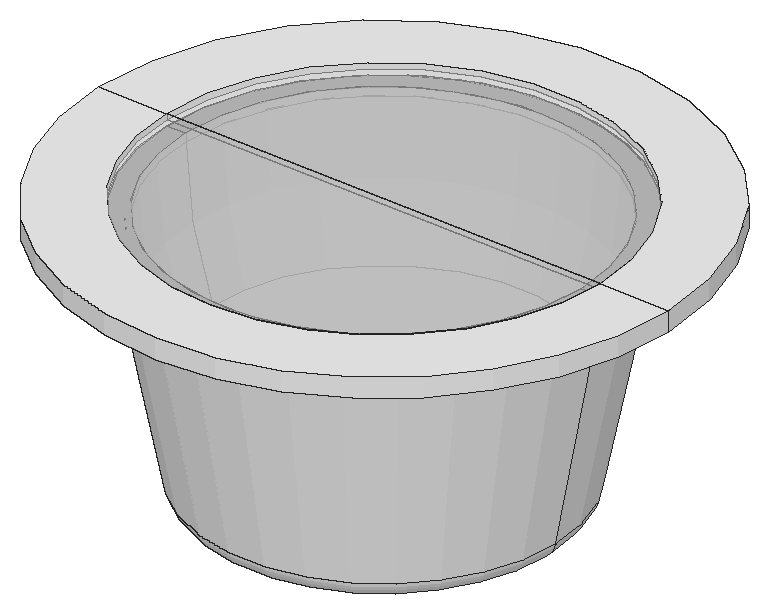
Revit family "2060568+2028036 Sylvania Lighting Fixture ASCENT 100 II ARCH 2700 4K DALI EMG 160 with IP44 Frost Glass", category Lighting Fixtures, host Face, Revit 2016
Family settings
  Host = Face
  Part Type = Normal
  Round Connector Dimension = Use Diameter
  OmniClass Number = 23.80.70.11.17
  OmniClass Title = Specialized Lighting by Location or Use
  Cut with Voids When Loaded = No
  Light Source = Yes
  Shared = No
  Room Calculation Point = No
Parameters (values of type "2060568+2028036 ASCT100 II ARCH 2700 4K DALI EMG 160 with IP44 Frost Glass Emergency mode")
  WidthBezelAcc_SYL = 25.0 mm
  Weight = "1.92 kg"
  Wattage = 1.58333 W
  WarrantyStartDate [instance] = "n/a"
  WarrantyGuarantorParts = "n/a"
  WarrantyDurationUnit = "n/a"
  WarrantyDurationParts = "n/a"
  WarrantyDescription = "n/a"
  built-in parameter 1150110 = 1 (stored number, unit not read)
  Voltage = 0 V
  VisibilityAccessory_SYL = yes
  TypeName = "ASCT100 II ARCH 2700 4K DALI EMG 160 with IP44 Frost Glass Emergency mode"
  built-in parameter 1114217 = 1 (stored number, unit not read)
  Tilt Angle = -90°
  built-in parameter 1150109 = 1 (stored number, unit not read)
  built-in parameter 1150134 = 12
  built-in parameter 1150113 = 1 (stored number, unit not read)
  SerialNumber [instance] = "n/a"
  ReflectorRadius_SYL = Radius_SYL - 14.5 mm  # 80.0 mm
  RadiusAcc_SYL = 105.0 mm
  Radius_SYL = 94.5 mm
  URL = "http://www.sylvania-lighting.com"
  PowerFactor = 0
  PowerConsumption = "23 W"
  Photometric Web File = "2060568EM.ies"
  NominalWidth = 0.0 mm
  NominalLength = 0.0 mm
  NominalHeight = 94.0 mm
  Name = "ASCT100 II ARCH 2700 4K DALI EMG 160 with IP44 Frost Glass Emergency mode"
  ModelReference = "ASCT100 II ARCH 2700 4K DALI EMG 160 with IP44 Frost Glass Emergency mode"
  ModelNumber = "2060568+2028036"
  Material_4_SYL = none
  Material_3_SYL = Polycarbonate_Sylvania_Ascent_Clear
  Material_2_SYL = Aluminium_Sylvania_Ascent_Silver
  Material_1_SYL = Aluminum_Sylvania_Ascent_White
  Material = "aluminium housing, arcylic diffuser"
  ManufacturerName = "Feilo Sylvania"
  LuminousEfficacy = "120 lm/W"
  built-in parameter 1150105 = 15.12 (stored number, unit not read)
  Lumens = 190 lm
  LuminaireType = ""
  built-in parameter 1150115 = 1 (stored number, unit not read)
  LightOutputRatio = "100"
  built-in parameter 1150137 = (empty or 0)
  built-in parameter 1150139 = (empty or 0)
  LampsType = Lamp  # "LED"
  LampNominalLuminous = "2767 lm"
  LampMacAdamStep = "3"
  LampColourTemperature = "4000 K"
  LampColourRenderingIndex = "80"
  built-in parameter 1150112 = 1 (stored number, unit not read)
  built-in parameter 1150114 = 1 (stored number, unit not read)
  Keynote = "16500"
  InstallationDate [instance] = "n/a"
  InputVoltage = "n/a"
  InputNominalFrequency = "n/a"
  built-in parameter 1150132 = (empty or 0)
  built-in parameter 1150102 = (empty or 0)
  built-in parameter 1150107 = 4000 (stored number, unit not read)
  built-in parameter 1150138 = (empty or 0)
  IngressProtection = "IP44"
  ImpactProtectionIndex = "IK02"
  built-in parameter 1150106 = 0.1512 (stored number, unit not read)
  IfcExportType = "IfcLightFixtureType"
  IfcExportAs = "IfcLightFixtureType"
  Height_SYL = 94.0 mm
  HeightAcc_SYL = 7.0 mm
  ExpectedLife = 50000
  EmittionSurface_SYL = if(VisibilityAccessory_SYL, 7.0 mm, 3.0 mm)  # 7.0 mm
  Emit from Circle Diameter = DiffuserRadius_SYL * 2  # 146.0 mm
  Emit Shape Visible in Rendering = no
  ElectricShockClassification = "Class II"
  built-in parameter 1150104 = 11.148 (stored number, unit not read)
  DurationUnit = "hours"
  DocumentationLiterature = "http://www.sylvania-lighting.com/product/en-int/products/2060568"
  DimmingControlOptions = "n/a"
  Dimming Lamp Color Temperature Shift = <None>
  DiffuserRadius_SYL = ReflectorRadius_SYL - 7.0 mm  # 73.0 mm
  Diameter_SYL = 2 * Radius_SYL  # 189.0 mm
  CutoutDiameter_SYL = Diameter_SYL - 13.0 mm  # 176.0 mm
  CreatedOn = "9/17/2018"
  CreatedBy = "@sylvania-lighting.com"
  Color Filter = 16777215
  built-in parameter 1114216 [instance] = 1 (stored number, unit not read)
  Model = "ASCT100 II ARCH 2700 4K DALI EMG 160 with IP44 Frost Glass Emergency mode"
  Manufacturer = "Feilo Sylvania"
  Lamp = "LED"
  Description = "Direct LED retro fit for original LED 100 Arch (160) single CFL lamp offering Matching lumen levels and improved light distribution of original LED 100 CFL lamp equivalents Typically half the power consumption compared to CFL Up to 112lm/W 160mm aperture Architectural reflector accepts range of glass accessories from existing LED 100 Arch 160 offering HE, HO and VHO versions equivalent of single 1 x 18W, 1 x 32W, 1 x 42W\r\n Additional VVHO versions which offer the performance circa 2 x 32W equivalent"  # constant formula
  Default Elevation = 0.0 mm
  built-in parameter 1140040 [instance] = 1
  BarCode [instance] = "n/a"
  built-in parameter 1114218 = 1 (stored number, unit not read)
  built-in parameter 1150133 = 10 (stored number, unit not read)
  AssetType = "Fixed"
  AssetIdentifier [instance] = "n/a"
  Assembly Code = "D5020200"
  Apparent Load = 1.58333 VA
  Aperture_SYL = 2 * ReflectorRadius_SYL  # 160.0 mm
Types (2, lengths in mm): name | Wattage | TypeName | Photometric Web File | Name | ModelReference | Material_3_SYL | built-in parameter 1150105 | Lumens | built-in parameter 1150106 | Model | Apparent Load
  2060568+2028036 ASCT100 II ARCH 2700 4K DALI EMG 160 with IP44 Frost Glass Emergency mode | 1.58333 W | "ASCT100 II ARCH 2700 4K DALI EMG 160 with IP44 Frost Glass Emergency mode" | "2060568EM.ies" | "ASCT100 II ARCH 2700 4K DALI EMG 160 with IP44 Frost Glass Emergency mode" | "ASCT100 II ARCH 2700 4K DALI EMG 160 with IP44 Frost Glass Emergency mode" | Polycarbonate_Sylvania_Ascent_Clear | 15.12 (stored number, unit not read) | 190 lm | 0.1512 (stored number, unit not read) | "ASCT100 II ARCH 2700 4K DALI EMG 160 with IP44 Frost Glass Emergency mode" | 1.58333 VA
  2060568+2028036 ASCT100 II ARCH 2700 4K DALI EMG 160 with IP44 Frost Glass | 23 W | "ASCENT 100 II ARCH 2700 4K DALI EMG 160 with IP44 Frost Glass" | "2060568.ies" | "ASCENT 100 II ARCH 2700 4K DALI EMG 160 with IP44 Frost Glass" | "ASCENT 100 II ARCH 2700 4K DALI EMG 160 with IP44 Frost Glass" | Polycarbonate_Sylvania_Ascent_Opal | 219.63 (stored number, unit not read) | 2760 lm | 2.1963 (stored number, unit not read) | "ASCENT 100 II ARCH 2700 4K DALI EMG 160 with IP44 Frost Glass" | 23 VA
Reference planes
  plane 1 "Center (Front/Back)": y = 0
  plane 2: z = 0
  plane 3 "Center (Left/Right)": x = 0
  plane 4 "Fixture Bottom": z = 3
  plane 5: z = -52.5
  plane 6 "Fixture Top": z = -91
  plane 7: x = -105
  plane 8: z = 7
  plane 9: x = -80
  plane 10: z = 5
  plane 11: x = -103
Forms (mm)
  Extrusion 1, solid, material "Aluminum_Sylvania_Ascent_White", detail levels fine
    sketch origin (0, 0, 0) x (1, 0, 0) y (0, 1, 0)
      loop
        circle (0, 0) r 94.5
      loop
        circle (0, 0) r 80
    from 0 to 3
  Extrusion 2, void
    sketch origin (0, 0, 0) x (1, 0, 0) y (0, 1, 0)
      loop
        circle (0, 0) r 88
    from -91 to 3
  Revolve 3, solid, material "Aluminum_Sylvania_Ascent_White" <- "Material_1_SYL", detail levels fine
    sketch origin (0, 0, 0) x (1, 0, 0) y (0, 0, 1)
      loop
        line (0, -91.073) -> (0, -89.023) -> (-55.468, -89.014)
        arc (-55.468, -89.014) -> (-59.352, -87.613) -> (-61.54, -84.139) r 6.307
        line (-61.54, -84.139) -> (-77.991, -2.844) -> (-77.991, 0) -> (-80, 0) -> (-80, -3) -> (-63.5, -84.536)
        arc (-63.5, -84.536) -> (-60.643, -89.203) -> (-55.5, -91.073) r 8.291
        line (-55.5, -91.073) -> (0, -91.073)
      axis (0, 0) -> (0, -91.073)
    angle from 0 to 360
  Revolve 4, solid, material "Aluminium_Sylvania_Ascent_Silver" <- "Material_2_SYL", detail levels fine
    sketch origin (0, 0, 0) x (1, 0, 0) y (0, 0, 1)
      loop
        line (-80, 3) -> (-80, 0) -> (-75, 0)
        arc (-75, 0) -> (-72.349, -26.77) -> (-64.5, -52.5) r 136.5
        line (-64.5, -52.5) -> (-58, -52.5)
        arc (-58, -52.5) -> (-56.857, -61.521) -> (-53.5, -69.971) r 36.166
        line (-53.5, -69.971) -> (0, -69.971) -> (0, -50.5) -> (-63.16, -50.5)
        arc (-63.16, -50.5) -> (-70.517, -25.725) -> (-73, 0) r 134.5
        line (-73, 0) -> (-73, 3) -> (-80, 3)
      axis (0, 3) -> (0, -69.971)
    angle from 0 to 360
  Extrusion 5, solid, material "Polycarbonate_Sylvania_Ascent_Clear" <- "Material_3_SYL", detail levels fine
    sketch origin (0, 0, 0) x (1, 0, 0) y (0, 1, 0)
      loop
        circle (0, 0) r 73
    from 0 to 3
  Revolve 6, solid, material "Aluminum_Sylvania_Ascent_White" <- "Material_1_SYL", detail levels coarse+medium
    sketch origin (0, 0, 0) x (1, 0, 0) y (0, 0, 1)
      loop
        line (0, -91.073) -> (0, 3) -> (-94.5, 3) -> (-94.5, 0) -> (-79.5, 0) -> (-79.5, -3) -> (-63, -84.536)
        arc (-63, -84.536) -> (-60.143, -89.203) -> (-55, -91.073) r 8.291
        line (-55, -91.073) -> (0, -91.073)
      axis (0, 3) -> (0, -91.073)
    angle from 0 to 360
  Revolve 7, solid, material "Aluminum_Sylvania_Ascent_White" <- "Material_1_SYL", visible <- "VisibilityAccessory_SYL"
    sketch origin (0, 0, 0) x (1, 0, 0) y (0, 0, 1)
      loop
        line (-105, 0) -> (-103, 0) -> (-103, 5) -> (-80, 5) -> (-80, 7) -> (-105, 7) -> (-105, 0)
      axis (0, 7) -> (0, 0)
    angle from 0 to 360
  Revolve 8, solid, material "Polycarbonate_Sylvania_Ascent_Clear" <- "Material_3_SYL", visible <- "VisibilityAccessory_SYL"
    sketch origin (0, 0, 0) x (1, 0, 0) y (0, 0, 1)
      loop
        line (-80, 7) -> (-80, 5) -> (0, 5) -> (0, 7) -> (-80, 7)
      axis (0, 7) -> (0, 5)
    angle from 0 to 360
Lines and regions (mm)
  reference lines
    curve 1: line (-150, 0, 7) -> (125, 0, 7)
Dimensions and locks
  locked: plane 4 "Fixture Bottom" to plane 2 at 3
  "Height_SYL": plane 4 "Fixture Bottom" to plane 6 "Fixture Top"
  "ReflectorRadius_SYL": plane 3 "Center (Left/Right)" to Revolve 4 sketch curve
  locked: Revolve 4 sketch curve to Revolve 4 sketch curve at 15.5
  locked: Revolve 4 sketch curve to Revolve 4 sketch curve at 5
  locked: Revolve 4 sketch curve to Revolve 4 sketch curve at 7
  locked: Revolve 4 sketch curve to Revolve 4 sketch curve at 22
  locked: Revolve 4 sketch curve to Revolve 4 sketch curve at 26.5
  locked: Revolve 3 sketch curve to Revolve 3 sketch curve at 16.5
  locked: Revolve 3 sketch curve to Revolve 3 sketch curve at 24.5
  "ReflectorRadius_SYL": Revolve 3 sketch curve to plane 3 "Center (Left/Right)"
  locked: Revolve 3 sketch curve to plane 6 "Fixture Top" at 6.464
  locked: plane 2 to Revolve 3 sketch curve at 3
  locked: Revolve 3 sketch curve to Revolve 3 sketch curve at 2
  locked: Revolve 3 sketch curve to Revolve 3 sketch curve at 2.009
  locked: plane 2 to plane 5 at 52.5
  locked: Revolve 6 sketch curve to Revolve 6 sketch curve at 31.5
  locked: Revolve 6 sketch curve to Revolve 6 sketch curve at 39.5
  locked: Revolve 6 sketch curve to Revolve 6 sketch curve at 15
  "Radius_SYL": plane 3 "Center (Left/Right)" to Revolve 6 sketch curve
  "RadiusAcc_SYL": plane 3 "Center (Left/Right)" to plane 7
  "HeightAcc_SYL": plane 8 to level
  "WidthBezelAcc_SYL": plane 7 to plane 9
  locked: plane 7 to plane 11 at 2
  locked: plane 8 to plane 10 at 2
  "EmittionSurface_SYL": curve 1 to level
  "CutoutDiameter_SYL": diameter of Extrusion 2 sketch curve
  "ReflectorRadius_SYL": radius of Extrusion 1 sketch curve
  "DiffuserRadius_SYL": radius of Extrusion 5 sketch curve
  "Radius_SYL": radius of Extrusion 1 sketch curve
  aligned and locked: host face to plane 2
  aligned and locked: host face to level
  aligned and locked: plane 4 "Fixture Bottom" to Extrusion 1
  aligned and locked: Extrusion 1 to plane 2
  aligned and locked: Revolve 3 sketch curve to plane 3 "Center (Left/Right)"
  aligned and locked: Revolve 4 sketch curve to plane 3 "Center (Left/Right)"  (x2)
  aligned and locked: plane 4 "Fixture Bottom" to Revolve 4 sketch curve
  aligned and locked: Extrusion 5 to plane 2
  aligned and locked: plane 2 to Revolve 3 sketch curve  (x2)
  aligned and locked: Revolve 6 sketch curve to plane 3 "Center (Left/Right)"
  aligned and locked: plane 6 "Fixture Top" to Extrusion 2
  aligned and locked: Revolve 7 sketch curve to plane 3 "Center (Left/Right)"
  aligned and locked: host face to Revolve 7 sketch curve  (x2)
  aligned and locked: Revolve 7 sketch curve to plane 7
  aligned and locked: plane 8 to Revolve 7 sketch curve
  aligned and locked: plane 9 to Revolve 7 sketch curve
  aligned and locked: Revolve 7 sketch curve to plane 10
  aligned and locked: plane 11 to Revolve 7 sketch curve
  aligned and locked: Revolve 7 to Revolve 8 sketch curve
  aligned and locked: Revolve 8 sketch curve to Revolve 7  (x2)
  aligned and locked: Revolve 8 sketch curve to plane 3 "Center (Left/Right)"  (x2)
  aligned and locked: plane 3 "Center (Left/Right)" to imposter light
  aligned and locked: imposter light to plane 1 "Center (Front/Back)"
  aligned and locked: imposter light to curve 1
Automatic sketch dimensions
  plane 1 "Center (Front/Back)" to Extrusion 2 sketch curve = 0.0 mm
  Extrusion 2 sketch curve to plane 3 "Center (Left/Right)" = 0.0 mm
  Extrusion 1 sketch curve to Extrusion 1 sketch curve = 0.0 mm  (x2)
  plane 1 "Center (Front/Back)" to Extrusion 1 sketch curve = 0.0 mm
  Extrusion 1 sketch curve to plane 3 "Center (Left/Right)" = 0.0 mm
  plane 6 "Fixture Top" to Revolve 3 sketch curve = 0.073 mm
  Revolve 3 sketch curve to plane 6 "Fixture Top" = 6.861 mm
  Revolve 3 sketch curve to Revolve 3 sketch curve = 0.003 mm
  Revolve 3 sketch curve to Revolve 3 sketch curve = 0.009 mm  (x2)
  Revolve 3 sketch curve to Revolve 3 sketch curve = 0.023 mm
  Revolve 3 sketch curve to Revolve 3 sketch curve = 0.072 mm
  Revolve 3 sketch curve to Revolve 3 sketch curve = 0.008 mm
  Revolve 3 sketch curve to plane 6 "Fixture Top" = 1.977 mm
  Revolve 3 sketch curve to Revolve 3 sketch curve = 33.496 mm
  Revolve 3 sketch curve to Revolve 3 sketch curve = 0.028 mm
  plane 4 "Fixture Bottom" to Revolve 3 sketch curve = 82.431 mm
  Revolve 4 sketch curve to Revolve 4 sketch curve = 0.0 mm  (x2)
  Revolve 4 sketch curve to plane 5 = 0.0 mm
  Revolve 4 sketch curve to level = 0.0 mm
  plane 5 to Revolve 4 sketch curve = 2.0 mm
  plane 4 "Fixture Bottom" to Revolve 4 sketch curve = 9.642 mm
  plane 1 "Center (Front/Back)" to Extrusion 5 sketch curve = 0.0 mm
  Extrusion 5 sketch curve to plane 3 "Center (Left/Right)" = 0.0 mm
  Revolve 4 sketch curve to level = 69.971 mm
  Revolve 4 sketch curve to Revolve 4 sketch curve = 2.387 mm
  Revolve 6 sketch curve to level = 0.0 mm
  Revolve 6 sketch curve to plane 3 "Center (Left/Right)" = 0.0 mm
  Revolve 6 sketch curve to Revolve 6 sketch curve = 8.104 mm
  Revolve 6 sketch curve to level = 3.0 mm
  Revolve 6 sketch curve to plane 6 "Fixture Top" = 6.464 mm
  plane 6 "Fixture Top" to Revolve 6 sketch curve = 0.073 mm
  Revolve 6 sketch curve to Revolve 6 sketch curve = 33.496 mm
  plane 4 "Fixture Bottom" to Revolve 6 sketch curve = 82.431 mm
  host sketch curve to host sketch curve = 1704.996 mm
  host sketch curve to host sketch curve = 1500.0 mm
  plane 6 "Fixture Top" to Revolve 7 sketch curve = 281.274 mm
  Revolve 7 sketch curve to plane 8 = 1140.706 mm
  plane 6 "Fixture Top" to Revolve 8 sketch curve = 281.274 mm
  Revolve 8 sketch curve to Revolve 8 sketch curve = 1140.706 mm
  Revolve 3 sketch curve to plane 3 "Center (Left/Right)" = 0.0 mm
  Revolve 6 sketch curve to plane 4 "Fixture Bottom" = 0.0 mm
  plane 7 to curve 1 = 45.0 mm
  plane 3 "Center (Left/Right)" to curve 1 = 125.0 mm
Connectors
  electrical at (0, 0, -91.073), driven by "Apparent Load"
    settings: on Revolve 3, index 1, voltage 240 V, apparent load 0 VA, apparent load phase1 1.58333 VA, apparent load phase2 0 VA, apparent load phase3 0 VA, power factor 1, load classification "Lighting", number of poles 1, system type 31, power factor state 1, is connector primary yes, connector utility no, sub classification motor no, connector description ""
